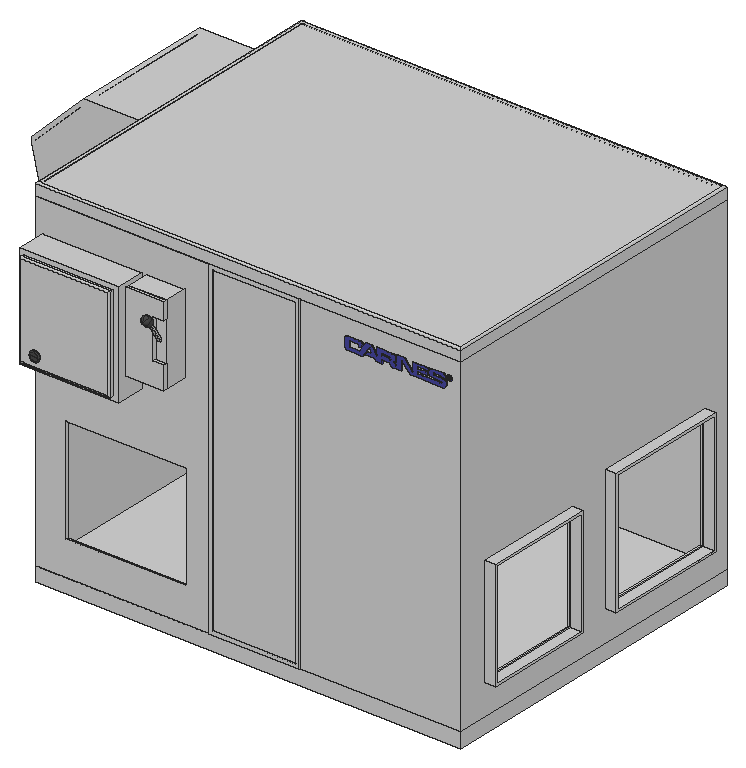
Revit family "Mini_System-Carnes-Energy_Recovery-WMA-WMWA-ARR1", category Mechanical Equipment, Revit 2012 (continued)
Types in the file's own list only (12): name | Weight | Size | Service Clearance Supply Side | Service Clearance Exhaust Side | Return Location From Bottom | Intake Hood Width | Intake Hood Height | Intake Hood Depth | Supply Location From Bottom | Supply Height | Supply Width | Exhaust Location From Bottom | Intake Location From Bottom | Intake Height | Intake Width | Return Height | Return Width | Exhaust Height | Exhaust Width | Height of Unit | Width of Unit | Length of Unit
  Size 6, Rain Hood w/ Water Coils | 0.00 lb | 6 | 60" | 60" | 6 1/2" | 24 1/4" | 52 1/2" | 26 1/4" | 6 1/2" | 18" | 20" | 6 1/2" | 11" | 26" | 22" | 20" | 18" | 18" | 20" | 57 1/2" | 54" | 120"
  Size 9, Standard | 0.00 lb | 9 | 71" | 71" | 7 1/2" | 30 1/2" | 55 3/4" | 27 1/4" | 7 1/2" | 20" | 24" | 7 1/2" | 28" | 34" | 28" | 24" | 20" | 20" | 24" | 69 1/2" | 66" | 80"
  Size 9, Water Coils | 0.00 lb | 9 | 71" | 71" | 7 1/2" | 30 1/2" | 55 3/4" | 27 1/4" | 7 1/2" | 20" | 24" | 7 1/2" | 28" | 34" | 28" | 24" | 20" | 20" | 24" | 69 1/2" | 66" | 128"
  Size 9, Rain Hood | 0.00 lb | 9 | 71" | 71" | 7 1/2" | 30 1/2" | 55 3/4" | 27 1/4" | 7 1/2" | 20" | 24" | 7 1/2" | 17" | 34" | 28" | 24" | 20" | 20" | 24" | 69 1/2" | 66" | 80"
  Size 9, Rain Hood w/ Water Coils | 0.00 lb | 9 | 71" | 71" | 7 1/2" | 30 1/2" | 55 3/4" | 27 1/4" | 7 1/2" | 20" | 24" | 7 1/2" | 17" | 34" | 28" | 24" | 20" | 20" | 24" | 69 1/2" | 66" | 128"
